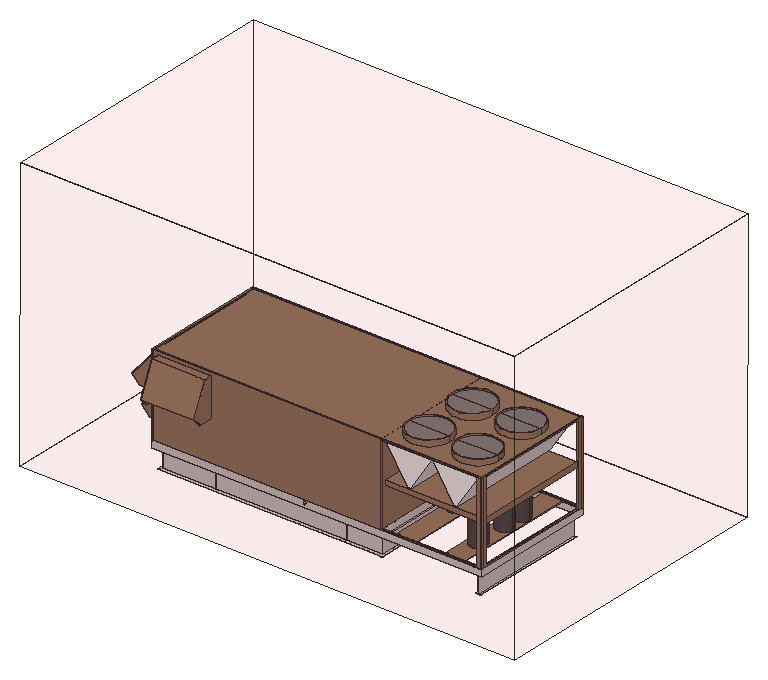
Revit family (continued)
Definition of nested family "Commercial_Comfort_Systems-Series_40-JCI-Exhaust_Standard"
  Dimensions and locks (in)
    aligned and locked: plane 1 "Back" to Extrusion 3 sketch curve
    aligned and locked: plane 5 "Top" to Extrusion 3 sketch curve
    aligned and locked: plane 5 "Top" to Extrusion 2 sketch curve
    aligned and locked: plane 1 "Back" to Masking region 1 sketch curve
    aligned and locked: plane 5 "Top" to Masking region 1 sketch curve
    aligned and locked: plane 6 "Center F/B" to curve 2
    aligned and locked: plane 4 "Front" to curve 4
    aligned and locked: plane 7 "Bottom Inset" to curve 8
    aligned and locked: plane 2 "Bottom" to curve 9
    aligned and locked: plane 4 "Front" to curve 9
    aligned and locked: plane 7 "Bottom Inset" to curve 10
    aligned and locked: plane 6 "Center F/B" to curve 7
    aligned and locked: plane 1 "Back" to curve 7
    aligned and locked: curve 5 to plane 2 "Bottom"
    aligned and locked: plane 2 "Bottom" to curve 3
    aligned and locked: plane 5 "Top" to curve 3
    aligned and locked: plane 1 "Back" to curve 6
    aligned and locked: curve 10 to curve 9
    aligned and locked: plane 2 "Bottom" to curve 6
    aligned and locked: plane 6 "Center F/B" to curve 5
    aligned and locked: plane 1 "Back" to curve 4
    aligned and locked: plane 5 "Top" to curve 8
    aligned and locked: plane 1 "Back" to curve 5
    aligned and locked: plane 5 "Top" to curve 6
    aligned and locked: plane 8 "Right" to curve 11
    aligned and locked: plane 8 "Right" to curve 13
    aligned and locked: plane 8 "Right" to curve 12
    aligned and locked: plane 9 "Left" to curve 11
    aligned and locked: plane 9 "Left" to curve 12
    aligned and locked: plane 9 "Left" to curve 13
    aligned and locked: curve 11 to plane 5 "Top"
    aligned and locked: curve 13 to plane 7 "Bottom Inset"
    aligned and locked: curve 12 to plane 2 "Bottom"
  Automatic sketch dimensions
    Extrusion 3 sketch curve to plane 12 "Top Inset" = 0"
Definition of nested family "Commercial_Comfort_Systems-Series_40-JCI-Condenser_Fan_1"
  Parameters (values of type "Fan")
    Radius 2 = Radius - 1/4"  # 11 3/4"
    Radius = if(1 = 1, Diameter / 2, 1")  # 12"
    Height = 4"  # constant formula
    Frame Material = Paint - JCI - Powder Coated - Champagne
    Fan Blade Material = Metal - JCI - Steel - Coated Black
    Diameter = 24"
    Assembly Code = ""
    30 inch fan = Diameter = 30"  # no
  Reference planes (in)
    plane 1 "Center (Front/Back)": y = 0
    plane 2 "Bottom": z = 0
    plane 3 "Center (Left/Right)": x = 0
    plane 4 "Back": y = 12
    plane 5 "Front": y = -12
    plane 6 "Left": x = -12
    plane 7 "Right": x = 12
    plane 8 "Top": z = 4
    plane 9 "Right Inset": x = 11.75
    plane 10 "Top Inset": z = 3.5
  Forms (in)
    Revolve 1, solid, material "Metal - JCI - Steel - Coated Black" <- "Fan Blade Material", detail levels fine
      sketch origin (0, 0, 0) x (1, 0, 0) y (0, 0, 1)
        loop
          line (0, 3.5) -> (0, 0) -> (11.75, 0) -> (11.75, 3.5) -> (0, 3.5)
        axis (0, 3.5) -> (0, 0)
      angle from 0 to 360
    Revolve 2, solid, material "Paint - JCI - Powder Coated - Champagne" <- "Frame Material", detail levels fine
      sketch origin (0, 0, 0) x (1, 0, 0) y (0, 0, 1)
        loop
          line (11.75, 0) -> (12, 0) -> (12, 4) -> (11.75, 4) -> (11.75, 0)
        axis (0, 4) -> (0, 0)
      angle from 0 to 360
    Revolve 3, solid, material "Paint - JCI - Powder Coated - Champagne" <- "Frame Material", detail levels medium
      sketch origin (0, 0, 0) x (1, 0, 0) y (0, 0, 1)
        loop
          line (0, 4) -> (0, 0) -> (12, 0) -> (12, 4) -> (0, 4)
        axis (0, 4) -> (0, 0)
      angle from 0 to 360
  Lines and regions (in)
    Masking region 1
      outline origin (0, 0, 0) x (1, 0, 0) y (0, 1, 0)
        loop
          circle (0, 0) r 12
    Masking region 2
      outline origin (0, 0, 0) x (1, 0, 0) y (0, 0, 1)
        loop
          line (-12, 4) -> (-12, 0) -> (12, 0) -> (12, 4) -> (-12, 4)
    Masking region 3
      outline origin (0, 0, 0) x (0, 1, 0) y (0, 0, 1)
        loop
          line (-12, 4) -> (-12, 0) -> (12, 0) -> (12, 4) -> (-12, 4)
    model lines, style "Fan Fine", detail levels coarse
      curve 1: circle (0, 0, 0) r 12 normal (0, 0, 1)
      curve 2: circle (0, 0, 4) r 12 normal (0, 0, 1)
      curve 3: line (12, 0, 4) -> (12, 0, 0)
      curve 4: line (-12, 0, 4) -> (-12, 0, 0)
      curve 5: line (0, 12, 4) -> (0, 12, 0)
      curve 6: line (0, -12, 4) -> (0, -12, 0)
    symbolic lines, style "Fan Fine", detail levels fine
      curve 7: circle (0, 0, 0) r 11.75 normal (0, 0, 1)
  Dimensions and locks (in)
    equal spacing: plane 5 "Front", plane 1 "Center (Front/Back)", plane 4 "Back"
    "Diameter": plane 5 "Front" to plane 4 "Back"
    equal spacing: plane 6 "Left", plane 3 "Center (Left/Right)", plane 7 "Right"
    "Diameter": plane 6 "Left" to plane 7 "Right"
    "Height": plane 8 "Top" to plane 2 "Bottom"
    locked: plane 9 "Right Inset" to plane 7 "Right" at 0.25
    locked: plane 8 "Top" to plane 10 "Top Inset" at 0.5
    "Radius": plane 3 "Center (Left/Right)" to curve 1
    "Radius": curve 1 to plane 1 "Center (Front/Back)"
    "Radius": curve 2 to plane 1 "Center (Front/Back)"
    "Radius": plane 3 "Center (Left/Right)" to curve 2
    "Radius": plane 3 "Center (Left/Right)" to Masking region 1 sketch curve
    "Radius": plane 1 "Center (Front/Back)" to Masking region 1 sketch curve
    "Radius 2": plane 3 "Center (Left/Right)" to curve 7
    "Radius 2": plane 1 "Center (Front/Back)" to curve 7
    "Radius": radius of curve 1
    "Radius": radius of curve 2
    "Radius": radius of Masking region 1 sketch curve
    "Radius 2": radius of curve 7
    aligned and locked: Revolve 1 sketch curve to plane 3 "Center (Left/Right)"
    aligned and locked: Revolve 1 sketch curve to Revolve 1 sketch curve
    aligned and locked: plane 2 "Bottom" to Revolve 1 sketch curve
    aligned and locked: Revolve 2 sketch curve to plane 3 "Center (Left/Right)"
    aligned and locked: Revolve 2 sketch curve to plane 8 "Top"
    aligned and locked: plane 2 "Bottom" to Revolve 2 sketch curve
    aligned and locked: plane 7 "Right" to Revolve 2 sketch curve
    aligned and locked: Revolve 2 sketch curve to plane 9 "Right Inset"
    aligned and locked: plane 9 "Right Inset" to Revolve 1 sketch curve
    aligned and locked: Revolve 1 sketch curve to plane 10 "Top Inset"
    aligned and locked: Revolve 3 sketch curve to plane 3 "Center (Left/Right)"
    aligned and locked: Revolve 3 sketch curve to Revolve 3 sketch curve
    aligned and locked: plane 2 "Bottom" to Revolve 3 sketch curve
    aligned and locked: plane 7 "Right" to Revolve 3 sketch curve
    aligned and locked: Revolve 3 sketch curve to plane 8 "Top"
    aligned and locked: plane 2 "Bottom" to curve 3
    aligned and locked: plane 2 "Bottom" to curve 4
    aligned and locked: plane 8 "Top" to curve 3
    aligned and locked: plane 8 "Top" to curve 4
    aligned and locked: plane 7 "Right" to curve 3
    aligned and locked: curve 4 to plane 6 "Left"
    aligned and locked: plane 2 "Bottom" to curve 5
    aligned and locked: plane 8 "Top" to curve 5
    aligned and locked: plane 2 "Bottom" to curve 6
    aligned and locked: plane 8 "Top" to curve 6
    aligned and locked: curve 5 to plane 4 "Back"
    aligned and locked: plane 5 "Front" to curve 6
    aligned and locked: Masking region 2 sketch curve to plane 8 "Top"
    aligned and locked: plane 2 "Bottom" to Masking region 2 sketch curve
    aligned and locked: plane 7 "Right" to Masking region 2 sketch curve
    aligned and locked: plane 6 "Left" to Masking region 2 sketch curve
    aligned and locked: Masking region 3 sketch curve to plane 8 "Top"
    aligned and locked: Masking region 3 sketch curve to plane 4 "Back"
    aligned and locked: plane 2 "Bottom" to Masking region 3 sketch curve
    aligned and locked: Masking region 3 sketch curve to plane 5 "Front"
  Automatic sketch dimensions
    Revolve 1 sketch curve to level = 24"
    Revolve 1 sketch curve to Revolve 1 sketch curve = 87.70035"
    Revolve 2 sketch curve to level = 24"
    plane 8 "Top" to Revolve 2 sketch curve = 87.20035"
    Revolve 3 sketch curve to level = 24"
    Revolve 3 sketch curve to Revolve 3 sketch curve = 87.20035"
Definition of nested family "Commercial_Comfort_Systems-Series_40-JCI-Power_Exhaust"
  Parameters (values of type "Power Exhaust Optional")
    Width = 59 133/256"  # constant formula
    Power Exhaust = yes
    No Power Exhaust = not(Power Exhaust)  # no
    Material = Paint - JCI - Powder Coated - Champagne
    Height = 21 27/64"  # constant formula
    Depth = 20 31/256"  # constant formula
    Assembly Code = ""
  Reference planes (in)
    plane 1 "Back": y = 0
    plane 2 "Bottom": z = 0
    plane 3 "Center (Left/Right)": x = 0
    plane 4 "Front": y = -20.12109
    plane 5 "Top": z = 21.42187
    plane 6 "Center F/B": y = -14.19109
    plane 7 "Back Inset": y = -10.18359
    plane 8 "Bottom Inset": z = 6
    plane 9 "Right": x = 29.75977
    plane 10 "Left": x = -29.75977
    plane 11 "Left Inset": x = -29.63477
    plane 12 "Right Inset": x = 29.63477
    plane 13 "Top Inset": z = 21.23437
    plane 14 "Front Inset": y = -19.87109
    plane 15 "Center (Elevation)": z = 10.71094
    plane 16 "Back Offset": y = 0.5
  Forms (in)
    Extrusion 1, solid, material "Paint - JCI - Powder Coated - Champagne" <- "Material", visible <- "Power Exhaust", detail levels fine
      sketch origin (0, 0, 0) x (0, 1, 0) y (0, 0, 1)
        loop
          line (-10.18359, 21.42187) -> (-20.12109, 6) -> (-14.19109, 0) -> (0, 0) -> (0, 21.42187) -> (-10.18359, 21.42187)
      from 29.63477 to 29.75977
    Extrusion 2, solid, material "Paint - JCI - Powder Coated - Champagne" <- "Material", visible <- "Power Exhaust", detail levels fine
      sketch origin (0, 0, 0) x (0, 1, 0) y (0, 0, 1)
        loop
          line (0, 21.42187) -> (-10.18359, 21.42187) -> (-20.12109, 6) -> (-14.19109, 0) -> (0, 0) -> (0, 21.42187)
      from -29.75977 to -29.63477
    Extrusion 3, solid, material "Paint - JCI - Powder Coated - Champagne" <- "Material", visible <- "Power Exhaust", detail levels fine
      sketch origin (0, 0, 0) x (0, 1, 0) y (0, 0, 1)
        loop
          line (-10.18359, 21.42187) -> (-20.12109, 6) -> (-19.87109, 6) -> (-10.18359, 21.23437) -> (0, 21.23437) -> (0, 21.42187) -> (-10.18359, 21.42187)
      from -29.63477 to 29.63477
    Extrusion 4, solid, material "Paint - JCI - Powder Coated - Champagne" <- "Material", visible <- "No Power Exhaust", detail levels fine
      sketch origin (0, 0, 0) x (1, 0, 0) y (0, 0, 1)
        loop
          line (-29.75977, 21.42187) -> (-29.75977, 0) -> (29.75977, 0) -> (29.75977, 21.42187) -> (-29.75977, 21.42187)
      from -0.5 to 0
  Lines and regions (in)
    Masking region 1, visible <- "Power Exhaust", detail levels medium+fine
      outline origin (0, 0, 0) x (0, 1, 0) y (0, 0, 1)
        loop
          line (-10.18359, 21.42187) -> (-20.12109, 6) -> (-14.19109, 0) -> (0, 0) -> (0, 21.42187) -> (-10.18359, 21.42187)
    Masking region 2, visible <- "Power Exhaust", detail levels fine
      outline origin (0, -14.19109, 0) x (0, 0, -1) y (1, 0, 0)
        loop
          line (-21.42187, -29.75977) -> (0, -29.75977) -> (0, 29.75977) -> (-21.42187, 29.75977) -> (-21.42187, -29.75977)
    Masking region 3, visible <- "Power Exhaust", detail levels fine
      outline origin (0, 0, 0) x (1, 0, 0) y (0, 1, 0)
        loop
          line (-29.75977, 0) -> (-29.75977, -20.12109) -> (29.75977, -20.12109) -> (29.75977, 0) -> (-29.75977, 0)
    symbolic lines, style "Rain Hoods", detail levels fine
      curve 1: line (-29.75977, -10.18359, 0) -> (29.75977, -10.18359, 0)
  Dimensions and locks (in)
    "Depth": plane 4 "Front" to plane 1 "Back"
    "Height": plane 5 "Top" to plane 2 "Bottom"
    locked: plane 4 "Front" to plane 7 "Back Inset" at 9.9375
    locked: plane 4 "Front" to plane 6 "Center F/B" at 5.93
    locked: plane 8 "Bottom Inset" to plane 2 "Bottom" at 6
    locked: plane 12 "Right Inset" to plane 9 "Right" at 0.125
    locked: plane 11 "Left Inset" to plane 10 "Left" at 0.125
    "Width": plane 9 "Right" to plane 10 "Left"
    equal spacing: plane 9 "Right", plane 3 "Center (Left/Right)", plane 10 "Left"
    locked: plane 5 "Top" to plane 13 "Top Inset" at 0.1875
    locked: plane 4 "Front" to plane 14 "Front Inset" at 0.25
    equal spacing: plane 5 "Top", plane 15 "Center (Elevation)", plane 2 "Bottom"
    locked: plane 1 "Back" to plane 16 "Back Offset" at 0.5
    aligned and locked: level to plane 2 "Bottom"
    aligned and locked: plane 4 "Front" to Extrusion 1 sketch curve
    aligned and locked: plane 8 "Bottom Inset" to Extrusion 1 sketch curve
    aligned and locked: plane 6 "Center F/B" to Extrusion 1 sketch curve
    aligned and locked: Extrusion 1 sketch curve to plane 2 "Bottom"
    aligned and locked: Extrusion 1 sketch curve to plane 1 "Back"
    aligned and locked: plane 5 "Top" to Extrusion 1 sketch curve  (x2)
    aligned and locked: plane 7 "Back Inset" to Extrusion 1 sketch curve
    aligned and locked: Extrusion 1 to plane 9 "Right"
    aligned and locked: plane 12 "Right Inset" to Extrusion 1
    aligned and locked: plane 2 "Bottom" to Extrusion 2 sketch curve
    aligned and locked: plane 6 "Center F/B" to Extrusion 2 sketch curve
    aligned and locked: plane 8 "Bottom Inset" to Extrusion 2 sketch curve
    aligned and locked: plane 5 "Top" to Extrusion 2 sketch curve
    aligned and locked: plane 4 "Front" to Extrusion 2 sketch curve
    aligned and locked: plane 7 "Back Inset" to Extrusion 2 sketch curve
    aligned and locked: Extrusion 2 sketch curve to plane 5 "Top"
    aligned and locked: Extrusion 2 sketch curve to plane 1 "Back"
    aligned and locked: Extrusion 2 sketch curve to plane 2 "Bottom"
    aligned and locked: plane 11 "Left Inset" to Extrusion 2
    aligned and locked: Extrusion 2 to plane 10 "Left"
    aligned and locked: plane 8 "Bottom Inset" to Extrusion 3 sketch curve
    aligned and locked: plane 13 "Top Inset" to Extrusion 3 sketch curve  (x2)
    aligned and locked: plane 4 "Front" to Extrusion 3 sketch curve
    aligned and locked: plane 14 "Front Inset" to Extrusion 3 sketch curve
    aligned and locked: Extrusion 3 sketch curve to plane 8 "Bottom Inset"
    aligned and locked: plane 7 "Back Inset" to Extrusion 3 sketch curve  (x2)
    aligned and locked: plane 1 "Back" to Extrusion 3 sketch curve
    aligned and locked: Extrusion 3 sketch curve to plane 5 "Top"
    aligned and locked: Extrusion 3 to plane 12 "Right Inset"
    aligned and locked: Extrusion 3 to plane 11 "Left Inset"
    aligned and locked: plane 8 "Bottom Inset" to Masking region 1 sketch curve
    aligned and locked: plane 4 "Front" to Masking region 1 sketch curve
    aligned and locked: plane 5 "Top" to Masking region 1 sketch curve
    aligned and locked: plane 6 "Center F/B" to Masking region 1 sketch curve
    aligned and locked: plane 7 "Back Inset" to Masking region 1 sketch curve
    aligned and locked: plane 2 "Bottom" to Masking region 1 sketch curve
    aligned and locked: plane 1 "Back" to Masking region 1 sketch curve
    aligned and locked: Masking region 2 sketch curve to plane 5 "Top"
    aligned and locked: plane 10 "Left" to Masking region 2 sketch curve
    aligned and locked: plane 2 "Bottom" to Masking region 2 sketch curve
    aligned and locked: plane 9 "Right" to Masking region 2 sketch curve
    aligned and locked: Masking region 3 sketch curve to plane 4 "Front"
    aligned and locked: plane 9 "Right" to Masking region 3 sketch curve
    aligned and locked: plane 1 "Back" to Masking region 3 sketch curve
    aligned and locked: Masking region 3 sketch curve to plane 10 "Left"
    aligned and locked: plane 9 "Right" to curve 1
    aligned and locked: plane 10 "Left" to curve 1
    aligned and locked: plane 7 "Back Inset" to curve 1
    aligned and locked: Extrusion 4 sketch curve to plane 5 "Top"
    aligned and locked: plane 9 "Right" to Extrusion 4 sketch curve
    aligned and locked: plane 10 "Left" to Extrusion 4 sketch curve
    aligned and locked: plane 2 "Bottom" to Extrusion 4 sketch curve
    aligned and locked: plane 1 "Back" to Extrusion 4
    aligned and locked: Extrusion 4 to plane 16 "Back Offset"
Definition of nested family "Commercial_Comfort_Systems-Series_40-JCI-Screen_Door_Detail"
  Parameters (values of type "Screen")
    Width = 32"
    Depth = 34"
    Assembly Code = ""
  Reference planes (in)
    plane 1 "Center (Front/Back)": y = 0
    plane 2: z = 0
    plane 3 "Center (Left/Right)": x = 0
    plane 4 "Left": x = -16
    plane 5 "Back": y = 17
    plane 6 "Right": x = 16
    plane 7 "Front": y = -17
  Lines and regions (in)
    Filled region 1, type "Concrete Block", in view "Ref. Level"
      outline origin (0, 0, 0) x (1, 0, 0) y (0, 1, 0)
        loop
          line (-16, 17) -> (-16, -17) -> (16, -17) -> (16, 17) -> (-16, 17)
  Dimensions and locks (in)
    equal spacing: plane 7 "Front", plane 1 "Center (Front/Back)", plane 5 "Back"
    "Depth": plane 7 "Front" to plane 5 "Back"
    equal spacing: plane 4 "Left", plane 3 "Center (Left/Right)", plane 6 "Right"
    "Width": plane 4 "Left" to plane 6 "Right"
    aligned and locked: Filled region 1 sketch curve to plane 4 "Left"
    aligned and locked: Filled region 1 sketch curve to plane 5 "Back"
    aligned and locked: Filled region 1 sketch curve to plane 6 "Right"
    aligned and locked: Filled region 1 sketch curve to plane 7 "Front"
